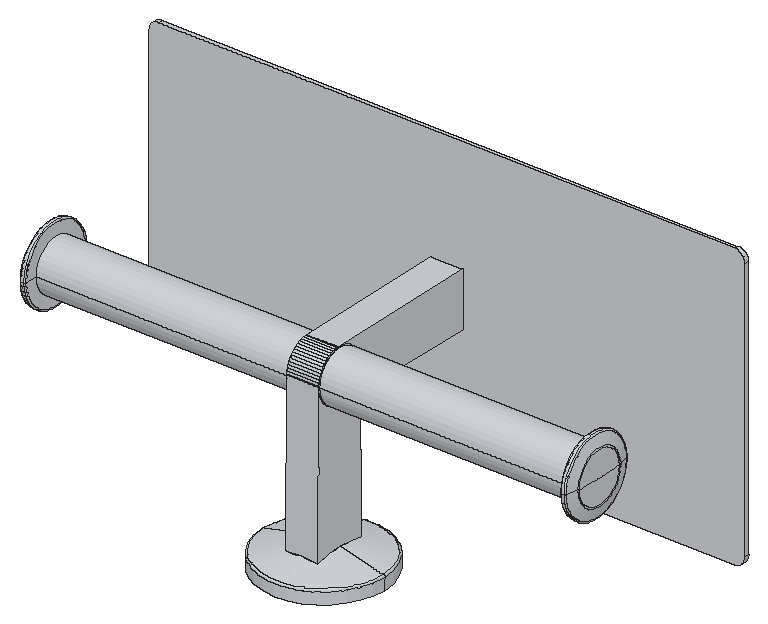
Revit family "Accessory-Tissue_Holder-KOHLER-Components-K-78384", category Specialty Equipment, host Face, Revit 2015
Parameters (values of type "CP-Polished Chrome")
  Width = 11 9/16"  # constant formula
  URL = "https://www.us.kohler.com/us/"
  Type = 1
  Product Page URL = "http://www.us.kohler.com/us/catalog/productDetails.jsp?productNumber=78384"
  Product Name = "Components"  # constant formula
  Product Documentation Link = "http://www.us.kohler.com/onlinecatalog/pdf/K-78384_spec.pdf"
  Model = if(Type = 1, "K-78384-CP", if(Type = 2, "K-78384-BN", if(Type = 3, "K-78384-BL", if(Type = 4, "K-78384-TT", "NA"))))  # "K-78384-CP"
  Material = "Premium Metal Construction"  # constant formula
  MasterFormat 2004 = "10.28.13"  # constant formula
  MasterFormat 1995 = "10820"  # constant formula
  Manufacturer Address = "444 Highland Dr, Kohler, WI 53044"  # constant formula
  Manufacturer = "KOHLER Co."  # constant formula
  Length = 6 3/16"  # constant formula
  Height = 3 13/16"  # constant formula
  Finish = Kohler-Metal-CP-Polished_Chrome
  Environmental Product Declaration = ""
  Description = "Covered Double Toilet Tissue Holder"  # constant formula
  Default Elevation = 42"
  Declare Label = ""
  Date Modified = "07/12/2018"  # constant formula
  Date Created = "07/12/2018"  # constant formula
  Copyright = "Copyright KOHLER Co."  # constant formula
  Contact Us = "https://www.us.kohler.com/us/static/contact.jsp"
  Assembly Code = "C1030200"
  ADA Compliant = 1 = 0  # no
Types (4): name | Type | Model | Finish
  (no name) | 1 | "K-78384-CP" | Kohler-Metal-CP-Polished_Chrome
  CP-Polished Chrome | 1 | "K-78384-CP" | Kohler-Metal-CP-Polished_Chrome
  BL-Matte Black | 3 | "K-78384-BL" | Kohler-Metal-BL-Matte_Black
  TT-Titanium | 4 | "K-78384-TT" | Kohler-Metal-TT-Vibrant_Titanium
Reference planes (in)
  plane 1 "Center (Front/Back)": y = 0
  plane 2: z = 0
  plane 3 "Center (Left/Right)": x = 0
  plane 4: x = -5.78125
  plane 5: x = 5.78125
  plane 6: y = 3.06478
  plane 7: z = 6.1875
  plane 8: y = -0.74772
Dimensions and locks (in)
  "Height": plane 6 to plane 8
  equal spacing: plane 4, plane 3 "Center (Left/Right)", plane 5
  "Width": plane 4 to plane 5
  "Length": plane 7 to plane 2
  aligned and locked: plane 2 to host face
  aligned and locked: level to host face
Automatic sketch dimensions
  host sketch curve to host sketch curve = 96"  (x2)
Nested families (in)
  nested 1: "K-78384" at (0, 0, 0), type "K-78384"
Definition of nested family "K-78384"
  Parameters (values of type "K-78384")
    Material = none
    Length = 9"
  Reference planes (in)
    plane 1 "Center (Front/Back)": y = 0
    plane 2: z = 0
    plane 3 "Center (Left/Right)": x = 0
    plane 4: y = -1.1875
    plane 5 "AA": z = 3.43335
    plane 6: x = -5.78125
    plane 7: x = 5.78125
    plane 8: y = -0.74772
    plane 9: y = 3.06478
    plane 10: z = 6.1875
  Forms (in)
    Revolve 1, solid, material <- "Material", detail levels medium+fine
      sketch origin (0, 0, 0) x (-1, 0, 0) y (0, 0, 1)
        loop
          line (-1.1875, 0) -> (0, 0) -> (0, 0.54137) -> (-1.15723, 0.26168)
          arc (-1.15723, 0.26168) -> (-1.17902, 0.24769) -> (-1.1875, 0.22322) r 0.03957
          line (-1.1875, 0.22322) -> (-1.1875, 0)
        axis (0, 0.54137) -> (0, 0)
      angle from 0 to 360
    Extrusion 2, solid, material <- "Material", detail levels medium+fine
      sketch origin (0, 0, 0) x (0, 1, 0) y (0, 0, 1)
        loop
          line (0.53038, 0.31966) -> (0.4999, 3.44311)
          arc (0.4999, 3.44311) -> (0, 3.93335) -> (-0.4999, 3.44311) r 0.5
          line (-0.4999, 3.44311) -> (-0.53038, 0.31966) -> (0.53038, 0.31966)
      from -0.30906 to 0.30906
    Extrusion 3, solid, material <- "Material", detail levels coarse
      sketch origin (0, 0, 0) x (1, 0, 0) y (0, 1, 0)
        loop
          circle (0, 0) r 1.1875
      from 0 to 0.44658
    Revolve 4, solid, material <- "Material", detail levels medium+fine
      sketch origin (0, 0, 3.43335) x (0, -1, 0) y (1, 0, 0)
        loop
          line (-0.49216, -5.20079) -> (-0.72844, -5.20079)
          arc (-0.72844, -5.20079) -> (-0.74232, -5.20653) -> (-0.74806, -5.22041) r 0.01962
          line (-0.74806, -5.22041) -> (-0.74806, -5.27973)
          arc (-0.74806, -5.27973) -> (-0.74287, -5.29471) -> (-0.72952, -5.30326) r 0.02419
          line (-0.72952, -5.30326) -> (-0.51519, -5.35467)
          arc (-0.51519, -5.35467) -> (-0.50006, -5.35736) -> (-0.48473, -5.35827) r 0.13058
          line (-0.48473, -5.35827) -> (0, -5.35827) -> (0, 5.35827) -> (-0.48473, 5.35827)
          arc (-0.48473, 5.35827) -> (-0.50006, 5.35736) -> (-0.51519, 5.35467) r 0.13058
          line (-0.51519, 5.35467) -> (-0.72952, 5.30326)
          arc (-0.72952, 5.30326) -> (-0.74287, 5.29471) -> (-0.74806, 5.27973) r 0.02419
          line (-0.74806, 5.27973) -> (-0.74806, 5.22041)
          arc (-0.74806, 5.22041) -> (-0.74232, 5.20653) -> (-0.72844, 5.20079) r 0.01962
          line (-0.72844, 5.20079) -> (-0.49216, 5.20079) -> (-0.49216, -5.20079)
        axis (0, -5.35827) -> (0, 5.35827)
      angle from 0 to 360
    Extrusion 5, solid, material <- "Material", detail levels coarse
      sketch origin (0, 0, 0) x (0, 1, 0) y (0, 0, 1)
        loop
          line (0.53038, 0.31966) -> (0.49512, 3.93335) -> (-0.49512, 3.93335) -> (-0.53038, 0.31966) -> (0.53038, 0.31966)
      from -0.30906 to 0.30906
    Revolve 6, solid, material <- "Material", detail levels coarse
      sketch origin (0, 0, 3.43335) x (0, -1, 0) y (1, 0, 0)
        loop
          line (-0.49216, -5.20079) -> (-0.74806, -5.20079) -> (-0.74806, -5.35827) -> (0, -5.35827) -> (0, 5.35827) -> (-0.74806, 5.35827) -> (-0.74806, 5.20079) -> (-0.49216, 5.20079) -> (-0.49216, -5.20079)
        axis (0, -5.35827) -> (0, 5.35827)
      angle from 0 to 360
    Extrusion 7, solid, material <- "Material"
      sketch origin (0, 0, 0) x (1, 0, 0) y (0, 0, 1)
        loop
          line (5.59184, 6.18307) -> (-5.59186, 6.18307)
          arc (-5.59186, 6.18307) -> (-5.73013, 6.1258) -> (-5.7874, 5.98752) r 0.19555
          line (-5.7874, 5.98752) -> (-5.7874, 0.87922)
          arc (-5.7874, 0.87922) -> (-5.72995, 0.74052) -> (-5.59125, 0.68307) r 0.19615
          line (-5.59125, 0.68307) -> (5.5942, 0.68307)
          arc (5.5942, 0.68307) -> (5.73081, 0.73966) -> (5.7874, 0.87627) r 0.1932
          line (5.7874, 0.87627) -> (5.7874, 5.9875)
          arc (5.7874, 5.9875) -> (5.73012, 6.12579) -> (5.59184, 6.18307) r 0.19557
      from -3.07877 to -3.00003
    Extrusion 8, solid, material <- "Material"
      sketch origin (0, 3.43335, 3.43335) x (0, 0, 1) y (0, -1, 0)
        loop
          line (0.52927, 0.43332) -> (0.4999, 3.44311)
          arc (0.4999, 3.44311) -> (0, 3.93335) -> (-0.4999, 3.44311) r 0.5
          line (-0.4999, 3.44311) -> (-0.52927, 0.43332) -> (0.52927, 0.43332)
      from -0.30906 to 0.30906
  Cuts and joins
    joined: Revolve 1, Extrusion 2, Revolve 4
    joined: Extrusion 3, Extrusion 5, Revolve 6
    joined: Extrusion 7, Extrusion 8
  Lines and regions (in)
    Masking region 1
      outline origin (0, 0, 0) x (0, 1, 0) y (0, 0, 1)
        loop
          line (0.52873, 0.41382) -> (0.49221, 2.57064)
          arc (0.49221, 2.57064) -> (0.5933, 2.82187) -> (0.84386, 2.92462) r 0.3481
          line (0.84386, 2.92462) -> (3.00003, 2.90231) -> (3.00003, 0.68307) -> (3.06478, 0.68307) -> (3.06478, 6.18307) -> (3.00003, 6.18307) -> (3.00003, 3.96439) -> (0.55124, 3.93906)
          arc (0.55124, 3.93906) -> (-0.53763, 3.9535) -> (-0.48721, 2.8657) r 0.74806
          line (-0.48721, 2.8657) -> (-0.52873, 0.41382) -> (-1.15899, 0.26168)
          arc (-1.15899, 0.26168) -> (-1.17952, 0.24851) -> (-1.1875, 0.22546) r 0.03726
          line (-1.1875, 0.22546) -> (-1.1875, 0) -> (1.1875, 0) -> (1.1875, 0.22546)
          arc (1.1875, 0.22546) -> (1.17952, 0.24851) -> (1.15899, 0.26168) r 0.03726
          line (1.15899, 0.26168) -> (0.52873, 0.41382)
    Masking region 2
      outline origin (0, 0, 0) x (1, 0, 0) y (0, 0, 1)
        loop
          line (1.1875, 0) -> (1.1875, 0.22322)
          arc (1.1875, 0.22322) -> (1.17902, 0.24769) -> (1.15723, 0.26168) r 0.03957
          line (1.15723, 0.26168) -> (0.30906, 0.46667) -> (0.30906, 0.68307) -> (5.57813, 0.68307)
          arc (5.57813, 0.68307) -> (5.72176, 0.74256) -> (5.78125, 0.8862) r 0.20313
          line (5.78125, 0.8862) -> (5.78125, 5.98438)
          arc (5.78125, 5.98438) -> (5.72176, 6.12801) -> (5.57813, 6.1875) r 0.20313
          line (5.57813, 6.1875) -> (-5.57657, 6.1875)
          arc (-5.57657, 6.1875) -> (-5.7213, 6.12755) -> (-5.78125, 5.98282) r 0.20468
          line (-5.78125, 5.98282) -> (-5.78125, 0.8862)
          arc (-5.78125, 0.8862) -> (-5.72176, 0.74256) -> (-5.57812, 0.68307) r 0.20313
          line (-5.57812, 0.68307) -> (-0.30906, 0.68307) -> (-0.30906, 0.46667) -> (-1.15723, 0.26168)
          arc (-1.15723, 0.26168) -> (-1.17902, 0.24769) -> (-1.1875, 0.22322) r 0.03957
          line (-1.1875, 0.22322) -> (-1.1875, 0) -> (1.1875, 0)
    Masking region 3
      outline origin (0, 0, 0) x (1, 0, 0) y (0, 1, 0)
        loop
          line (5.7874, 3.06478) -> (-5.78125, 3.06478) -> (-5.78125, 3.00003) -> (-0.30906, 3.00003) -> (-0.30906, 1.14658)
          arc (-0.30906, 1.14658) -> (-0.76766, 0.90601) -> (-1.08026, 0.49314) r 1.1875
          line (-1.08026, 0.49314) -> (-5.20079, 0.49314) -> (-5.20079, 0.72942)
          arc (-5.20079, 0.72942) -> (-5.20653, 0.7433) -> (-5.22041, 0.74904) r 0.01962
          line (-5.22041, 0.74904) -> (-5.27973, 0.74904)
          arc (-5.27973, 0.74904) -> (-5.29471, 0.74385) -> (-5.30326, 0.7305) r 0.02419
          line (-5.30326, 0.7305) -> (-5.35467, 0.51617)
          arc (-5.35467, 0.51617) -> (-5.35736, 0.50105) -> (-5.35827, 0.48571) r 0.13058
          line (-5.35827, 0.48571) -> (-5.35827, -0.48571)
          arc (-5.35827, -0.48571) -> (-5.35736, -0.50105) -> (-5.35467, -0.51617) r 0.13058
          line (-5.35467, -0.51617) -> (-5.30326, -0.7305)
          arc (-5.30326, -0.7305) -> (-5.29471, -0.74385) -> (-5.27973, -0.74904) r 0.02419
          line (-5.27973, -0.74904) -> (-5.22041, -0.74904)
          arc (-5.22041, -0.74904) -> (-5.20653, -0.7433) -> (-5.20079, -0.72942) r 0.01962
          line (-5.20079, -0.72942) -> (-5.20079, -0.49314) -> (-1.08026, -0.49314)
          arc (-1.08026, -0.49314) -> (0, -1.1875) -> (1.08026, -0.49314) r 1.1875
          line (1.08026, -0.49314) -> (5.20079, -0.49314) -> (5.20079, -0.72942)
          arc (5.20079, -0.72942) -> (5.20653, -0.7433) -> (5.22041, -0.74904) r 0.01962
          line (5.22041, -0.74904) -> (5.27973, -0.74904)
          arc (5.27973, -0.74904) -> (5.29471, -0.74385) -> (5.30326, -0.7305) r 0.02419
          line (5.30326, -0.7305) -> (5.35467, -0.51617)
          arc (5.35467, -0.51617) -> (5.35736, -0.50105) -> (5.35827, -0.48571) r 0.13058
          line (5.35827, -0.48571) -> (5.35827, 0.48571)
          arc (5.35827, 0.48571) -> (5.35736, 0.50105) -> (5.35467, 0.51617) r 0.13058
          line (5.35467, 0.51617) -> (5.30326, 0.7305)
          arc (5.30326, 0.7305) -> (5.29471, 0.74385) -> (5.27973, 0.74904) r 0.02419
          line (5.27973, 0.74904) -> (5.22041, 0.74904)
          arc (5.22041, 0.74904) -> (5.20653, 0.7433) -> (5.20079, 0.72942) r 0.01962
          line (5.20079, 0.72942) -> (5.20079, 0.49314) -> (1.08026, 0.49314)
          arc (1.08026, 0.49314) -> (0.76766, 0.90601) -> (0.30906, 1.14658) r 1.1875
          line (0.30906, 1.14658) -> (0.30906, 3.00003) -> (5.78125, 3.00003) -> (5.78125, 3.06478)
    symbolic lines, detail levels medium+fine
      curve 1: arc (0, 0, 0.46667) -> (0, 0.26632, 0.44279) -> (0, 0.52909, 0.39328) r 2.76424
      curve 2: line (0, 0.52909, 0.39328) -> (0, 0.5284, 0.43278)
      curve 3: line (0, -0.52909, 0.39328) -> (0, -0.5284, 0.43278)
      curve 4: arc (0, -0.52909, 0.39328) -> (0, -0.26632, 0.44279) -> (0, 0, 0.46667) r 2.76424
      curve 5: line (-0.30906, 0, 0.46667) -> (0.30906, 0, 0.46667)
      curve 6: line (0.70079, 0.49314, 0) -> (0.30906, 0.49314, 0)
      curve 7: line (-0.70079, -0.49321, 0) -> (0.70079, -0.49321, 0)
      curve 8: line (-1.08026, 0.49314, 0) -> (-0.70079, 0.49314, 0)
      curve 9: line (-1.08023, -0.49321, 0) -> (-0.70079, -0.49321, 0)
      curve 10: line (1.08026, 0.49314, 0) -> (0.70079, 0.49314, 0)
      curve 11: line (1.08023, -0.49321, 0) -> (0.70079, -0.49321, 0)
      curve 12: line (-0.70079, 0.49314, 0) -> (-0.70079, -0.49321, 0)
      curve 13: line (0.70079, 0.49314, 0) -> (0.70079, -0.49321, 0)
      curve 14: circle (0, 0, 3.43335) r 0.5 normal (1, 0, 0)
      curve 15: line (0, 3.00003, 2.90231) -> (0, 3.00003, 3.96439)
      curve 16: line (-0.30906, 1.14658, 0) -> (-0.30906, 0.49314, 0)
      curve 17: line (0.30906, 1.14658, 0) -> (0.30906, 0.49314, 0)
      curve 18: line (-0.30906, 0.49314, 0) -> (-0.70079, 0.49314, 0)
      curve 19: line (-0.30906, 3.00003, 0) -> (0.30906, 3.00003, 0)
      curve 20: line (-5.20079, 0.49314, 0) -> (-5.20079, -0.49314, 0)
      curve 21: line (5.20079, 0.49314, 0) -> (5.20079, -0.49314, 0)
      curve 22: circle (0, 0, 3.43335) r 0.74806 normal (1, 0, 0)
      curve 23: line (-0.30906, 0, 0.68307) -> (0.30906, 0, 0.68307)
  Dimensions and locks (in)
    Masking region 2 sketch curve to Masking region 2 sketch curve = 2 3/8"
    locked: Masking region 2 sketch curve to Masking region 2 sketch curve at 2.375
    plane 8 to plane 9 = 3 13/16"
    aligned and locked: plane 2 to level
    aligned and locked: Extrusion 3 sketch curve to Masking region 3
